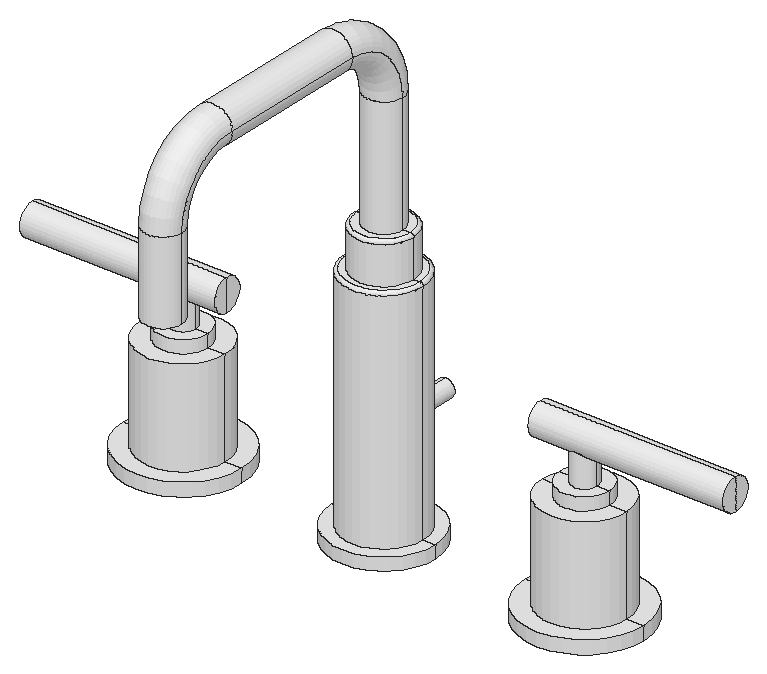
Revit family "Faucet-Two_Handle-American_Standard-Serin-2064.831", category Plumbing Fixtures, Revit 2014
Parameters (values of type "2064.831")
  Width = 2 1/16"  # constant formula
  Waste Connection = yes
  Warranty Information = "Limited Lifetime Function and Finish Warranty"  # constant formula
  WFU = 2  # constant formula
  Vent Connection = no
  URL = "http://www.americanstandard-us.com"
  Specification = "Two-handle widespread lavatory faucet shall feature cast brass valve bodies with flexible hose connections for 6in to 12in installations. Shall also feature 1/4 turn washerless ceramic disc valve cartridges. Shall also feature a metal drain body with stainless steel cable actuation."  # constant formula
  Revised Date = "12/06/2017"  # constant formula
  Product Page URL = "https://www.americanstandard-us.com/bathroom/bathroom-sink-faucets/serin-2-handle-8-inch-widespread-high-arc-bathroom-faucet-22846"
  Product Documentation Link = "https://www.americanstandard-us.com/-/media/sites/asus/files/product-specs/bulk/specsheet2064831.pdf?la=en"
  Price = "Prices may vary. Please consult Manufacturer Representative for most up-to-date price list."  # constant formula
  Model = "2064.831"
  Material = "Brass-American Standard-002-Polished Chrome"  # constant formula
  Manufacturer = "American Standard"  # constant formula
  Length = 8"
  Installation Type = "Deck Mounted"  # constant formula
  Hot Water Connection Diameter = 1/2"  # constant formula
  Height = 9 5/8"  # constant formula
  HWFU = 1.5  # constant formula
  HW Connection = yes
  Flow Rate = 1.2 GPM  # constant formula
  Finish = Brass-American Standard-002-Polished Chrome
  Description = "Serin Two-Handle Widespread Lavatory Faucet With Brass Spout"  # constant formula
  Default Elevation = 0"
  Creation Date = "25/02/2014"  # constant formula
  Cold Water Connection Diameter = 1/2"  # constant formula
  CWFU = 1.5  # constant formula
  CW Connection = yes
  Assembly Code = "D2020300"
  ADA Compliant = yes
Reference planes (in)
  plane 1 "Center (Front/Back)": y = 0
  plane 2: z = 0
  plane 3 "Center (Left/Right)": x = 0
  plane 4: x = -1.03125
  plane 5: x = 1.03125
  plane 6: z = 9.625
  plane 7: z = 6.375
  plane 8: y = -5.5
  plane 9: x = -4
  plane 10: y = -1.18104
  plane 11: y = 1.18104
  plane 12: x = 4
  plane 13: x = -3.1241
  plane 14: x = -7
  plane 15: x = -4.25
  plane 16: x = -4.5
  plane 17: x = -4.84175
  plane 18: x = -5.18104
  plane 19: x = 7
  plane 20: x = 3.1241
  plane 21: x = 4.25
  plane 22: x = 4.5
  plane 23: x = 4.84175
  plane 24: x = 5.18104
Forms (in)
  Revolve 1, solid, material "Brass-American Standard-002-Polished Chrome" <- "Finish"
    sketch origin (0, 0, 0) x (1, 0, 0) y (0, 0, 1)
      loop
        line (0, 0) -> (0, 5.64359) -> (-0.52929, 5.64359)
        arc (-0.52929, 5.64359) -> (-0.57348, 5.62529) -> (-0.59179, 5.58109) r 0.0625
        line (-0.59179, 5.58109) -> (-0.59179, 4.83055) -> (-0.71875, 4.83055)
        arc (-0.71875, 4.83055) -> (-0.76294, 4.81224) -> (-0.78125, 4.76805) r 0.0625
        line (-0.78125, 4.76805) -> (-0.78125, 0.25) -> (-1.03125, 0.25) -> (-1.03125, 0) -> (0, 0)
      axis (0, 5.64359) -> (0, 0)
    angle from 0 to 360
  Revolve 2, solid, material "Brass-American Standard-002-Polished Chrome" <- "Finish"
    sketch origin (0, 0, 0) x (1, 0, 0) y (0, 0, 1)
      loop
        line (-4, 0) -> (-4, 3.27722) -> (-4.25, 3.27722) -> (-4.25, 2.42893) -> (-4.5, 2.42893) -> (-4.5, 2.17893) -> (-4.84175, 2.17893) -> (-4.84175, 0.26468) -> (-5.18104, 0.26468) -> (-5.18104, 0) -> (-4, 0)
      axis (-4, 3.27722) -> (-4, 0)
    angle from 0 to 360
  Revolve 3, solid, material "Brass-American Standard-002-Polished Chrome" <- "Finish"
    sketch origin (0, 0, -0.47976) x (1, 0, 0) y (0, 0, 1)
      loop
        line (-7, 4.04226) -> (-7, 3.72976) -> (-3.1241, 3.72976) -> (-3.1241, 4.04226) -> (-7, 4.04226)
      axis (-3.1241, 3.72976) -> (-7, 3.72976)
    angle from 0 to 360
  Revolve 4, solid, material "Brass-American Standard-002-Polished Chrome" <- "Finish"
    sketch origin (0, 0, 0) x (-1, 0, 0) y (0, 0, 1)
      loop
        line (-4, 0) -> (-4, 3.27722) -> (-4.25, 3.27722) -> (-4.25, 2.42893) -> (-4.5, 2.42893) -> (-4.5, 2.17893) -> (-4.84175, 2.17893) -> (-4.84175, 0.26468) -> (-5.18104, 0.26468) -> (-5.18104, 0) -> (-4, 0)
      axis (-4, 3.27722) -> (-4, 0)
    angle from 0 to 360
  Revolve 5, solid, material "Brass-American Standard-002-Polished Chrome" <- "Finish"
    sketch origin (0, 0, 0) x (0, 1, 0) y (0, 0, 1)
      loop
        line (1.5375, 1.83465) -> (1.5375, 2.01338) -> (0.45358, 2.01338) -> (0.45358, 1.83465) -> (1.5375, 1.83465)
      axis (0.45358, 2.01338) -> (1.5375, 2.01338)
    angle from 0 to 360
  Sweep 6, solid, material "Brass-American Standard-002-Polished Chrome" <- "Finish"
    path origin (0, 0, 0.0222) x (0, 1, 0) y (0, 0, 1)
      loop
        line (0, 5.58055) -> (0, 7.98052)
        arc (0, 7.98052) -> (-0.36612, 8.8644) -> (-1.25, 9.23052) r 1.25
        line (-1.25, 9.23052) -> (-4.25, 9.23052)
        arc (-4.25, 9.23052) -> (-5.13388, 8.8644) -> (-5.5, 7.98052) r 1.25
        line (-5.5, 7.98052) -> (-5.5, 6.3528)
    profile origin (0, 0, 6.80274) x (0, -1, 0) y (1, 0, 0)
      loop
        circle (0, 0) r 0.375
  Revolve 7, solid, material "Brass-American Standard-002-Polished Chrome" <- "Finish"
    sketch origin (0, 0, -0.47976) x (-1, 0, 0) y (0, 0, 1)
      loop
        line (-7, 4.04226) -> (-7, 3.72976) -> (-3.1241, 3.72976) -> (-3.1241, 4.04226) -> (-7, 4.04226)
      axis (-3.1241, 3.72976) -> (-7, 3.72976)
    angle from 0 to 360
Cuts and joins
  joined: Revolve 1, Revolve 2, Revolve 3, Revolve 4, Revolve 5, Sweep 6, Revolve 7
Lines and regions (in)
  Masking region 1
    outline origin (0, 0, 0) x (1, 0, 0) y (0, 1, 0)
      loop
        line (-5.13895, 0.3125) -> (-7, 0.3125) -> (-7, -0.3125) -> (-5.13895, -0.3125)
        arc (-5.13895, -0.3125) -> (-2.81896, 0) -> (-5.13895, 0.3125) r 1.18104
      loop
        line (0.17873, 1.01564) -> (0.17873, 1.5375) -> (-0.17873, 1.5375) -> (-0.17873, 1.01564)
        arc (-0.17873, 1.01564) -> (-1.0262, 0.10191) -> (-0.375, -0.96065) r 1.03125
        line (-0.375, -0.96065) -> (-0.375, -5.5)
        arc (-0.375, -5.5) -> (0, -5.875) -> (0.375, -5.5) r 0.375
        line (0.375, -5.5) -> (0.375, -0.96065)
        arc (0.375, -0.96065) -> (1.0262, 0.10191) -> (0.17873, 1.01564) r 1.03125
      loop
        arc (5.13895, 0.3125) -> (2.81896, 0) -> (5.13895, -0.3125) r 1.18104
        line (5.13895, -0.3125) -> (7, -0.3125) -> (7, 0.3125) -> (5.13895, 0.3125)
  symbolic lines, style "PlumbingFixtures", detail levels fine
    curve 1: arc (-4.78159, 0.3125, 0) -> (-4, 0.84175, 0) -> (-3.21841, 0.3125, 0) r 0.84175
    curve 2: arc (-3.60969, -0.3125, 0) -> (-4, -0.5, 0) -> (-4.39031, -0.3125, 0) r 0.5
    curve 6: arc (-4.78159, -0.3125, 0) -> (-4, -0.84175, 0) -> (-3.21841, -0.3125, 0) r 0.84175
    curve 7: arc (-3.60969, 0.3125, 0) -> (-4, 0.5, 0) -> (-4.39031, 0.3125, 0) r 0.5
    curve 9: arc (-0.375, -0.45781, 0) -> (0, 0.59179, 0) -> (0.375, -0.45781, 0) r 0.59179
    curve 10: arc (-0.375, -0.68537, 0) -> (0, 0.78125, 0) -> (0.375, -0.68537, 0) r 0.78125
  symbolic lines, style "PlumbingFixtures", detail levels medium+fine
    curve 3: line (-3.1241, -0.3125, 0) -> (-3.1241, 0.3125, 0)
    curve 4: line (-3.1241, 0.3125, 0) -> (-5.13895, 0.3125, 0)
    curve 5: line (-3.1241, -0.3125, 0) -> (-5.13895, -0.3125, 0)
    curve 8: line (3.1241, 0.3125, 0) -> (5.13895, 0.3125, 0)
  symbolic lines, style "PlumbingFixturesHiddenLines", detail levels medium+fine
    curve 11: arc (-0.375, 0, 0) -> (0, 0.375, 0) -> (0.375, 0, 0) r 0.375
    curve 12: line (-0.375, 0, 0) -> (-0.375, -0.96065, 0)
    curve 13: line (0.375, 0, 0) -> (0.375, -0.96065, 0)
  symbolic lines, style "PlumbingFixturesHiddenLines", detail levels fine
    curve 14: line (-0.17873, 1.01564, 0) -> (-0.17873, 0.76053, 0)
    curve 15: line (0.17873, 1.01564, 0) -> (0.17873, 0.76053, 0)
  symbolic lines, detail levels fine
    curve 16: arc (4.78159, 0.3125, 0) -> (4, 0.84175, 0) -> (3.21841, 0.3125, 0) r 0.84175
    curve 21: arc (3.21841, -0.3125, 0) -> (4, -0.84175, 0) -> (4.78159, -0.3125, 0) r 0.84175
  symbolic lines, detail levels medium+fine
    curve 17: arc (4.40787, 0.28921, 0) -> (4.01458, 0.49979, 0) -> (3.60969, 0.3125, 0) r 0.5
    curve 18: arc (3.60969, -0.3125, 0) -> (4, -0.5, 0) -> (4.39031, -0.3125, 0) r 0.5
    curve 19: line (3.1241, 0.3125, 0) -> (3.1241, -0.3125, 0)
    curve 20: line (3.1241, -0.3125, 0) -> (5.13895, -0.3125, 0)
Dimensions and locks (in)
  "Width": plane 4 to plane 5
  level to plane 7 = 6 3/8"
  "Height": level to plane 6
  plane 1 "Center (Front/Back)" to plane 8 = 5 1/2"
  locked: plane 13 to plane 14 at 3.8759
  locked: plane 13 to plane 9 at 0.8759
  locked: plane 9 to plane 15 at 0.25
  locked: plane 9 to plane 16 at 0.5
  locked: plane 9 to plane 17 at 0.84175
  locked: plane 9 to plane 18 at 1.18104
  equal spacing: plane 12, plane 3 "Center (Left/Right)", plane 9
  "Length": plane 9 to plane 12
  locked: plane 19 to plane 20 at 3.8759
  locked: plane 12 to plane 20 at 0.8759
  locked: plane 21 to plane 12 at 0.25
  locked: plane 22 to plane 12 at 0.5
  locked: plane 23 to plane 12 at 0.84175
  locked: plane 24 to plane 12 at 1.18104
  aligned and locked: Revolve 3 sketch curve to plane 13
  aligned and locked: plane 14 to Revolve 3 sketch curve
  aligned and locked: plane 9 to Revolve 2 sketch curve
  aligned and locked: Revolve 2 sketch curve to plane 18
  aligned and locked: Revolve 2 sketch curve to plane 17
  aligned and locked: Revolve 2 sketch curve to plane 16
  aligned and locked: Revolve 2 sketch curve to plane 15
  aligned and locked: plane 19 to Revolve 7 sketch curve
  aligned and locked: Revolve 7 sketch curve to plane 20
  aligned and locked: Revolve 4 sketch curve to plane 21
  aligned and locked: Revolve 4 sketch curve to plane 12
  aligned and locked: Revolve 4 sketch curve to plane 22
  aligned and locked: Revolve 4 sketch curve to plane 23
  aligned and locked: Revolve 4 sketch curve to plane 24
  aligned and locked: Masking region 1 sketch curve to cut or joined group of Revolve 1, Revolve 2, Revolve 3, Revolve 4, Revolve 5, Sweep 6, Revolve 7  (x2)
  aligned and locked: curve 16 to cut or joined group of Revolve 1, Revolve 2, Revolve 3, Revolve 4, Revolve 5, Sweep 6, Revolve 7
  aligned and locked: curve 17 to cut or joined group of Revolve 1, Revolve 2, Revolve 3, Revolve 4, Revolve 5, Sweep 6, Revolve 7
  aligned and locked: curve 18 to cut or joined group of Revolve 1, Revolve 2, Revolve 3, Revolve 4, Revolve 5, Sweep 6, Revolve 7
  aligned and locked: curve 19 to cut or joined group of Revolve 1, Revolve 2, Revolve 3, Revolve 4, Revolve 5, Sweep 6, Revolve 7
Automatic sketch dimensions
  Revolve 1 sketch curve to level = 0"
  plane 4 to Revolve 1 sketch curve = 0"
  Revolve 1 sketch curve to plane 3 "Center (Left/Right)" = 0"  (x2)
  Revolve 1 sketch curve to plane 4 = 1/4"
  Revolve 1 sketch curve to Revolve 1 sketch curve = 1/16"  (x2)
  Revolve 1 sketch curve to Revolve 1 sketch curve = 0.12696"
  level to Revolve 1 sketch curve = 1/4"
  plane 7 to Revolve 1 sketch curve = 1.60695"
  Revolve 1 sketch curve to Revolve 1 sketch curve = 0.75054"
  Revolve 1 sketch curve to Revolve 1 sketch curve = 2.0718"
  Revolve 1 sketch curve to Revolve 1 sketch curve = 1/2"
  Revolve 2 sketch curve to level = 0"
  Revolve 2 sketch curve to plane 9 = 0"
  level to Revolve 2 sketch curve = 0.26468"
  Revolve 2 sketch curve to Revolve 2 sketch curve = 1.91425"
  Revolve 2 sketch curve to Revolve 2 sketch curve = 1/4"
  Revolve 2 sketch curve to Revolve 2 sketch curve = 0.84829"
  Revolve 2 sketch curve to Revolve 2 sketch curve = 0.82884"
  Revolve 2 sketch curve to Revolve 2 sketch curve = 0.14991"
  plane 7 to Revolve 3 sketch curve = 3 1/8"
  Revolve 3 sketch curve to Revolve 3 sketch curve = 5/16"
  Revolve 3 sketch curve to Revolve 3 sketch curve = 1.21539"
  Revolve 3 sketch curve to Revolve 3 sketch curve = 0.15093"
  Revolve 3 sketch curve to Revolve 3 sketch curve = 0"
  Revolve 4 sketch curve to level = 0"
  Revolve 4 sketch curve to level = 0.26468"
  Revolve 4 sketch curve to Revolve 4 sketch curve = 1.91425"
  Revolve 4 sketch curve to Revolve 4 sketch curve = 1/4"
  Revolve 4 sketch curve to Revolve 4 sketch curve = 0.84829"
  Revolve 4 sketch curve to Revolve 4 sketch curve = 1/2"
  Revolve 4 sketch curve to Revolve 4 sketch curve = 0.82884"
  Revolve 4 sketch curve to Revolve 4 sketch curve = 0.14991"
  Revolve 5 sketch curve to plane 1 "Center (Front/Back)" = 0.45358"
  Revolve 5 sketch curve to Revolve 5 sketch curve = 1.08392"
  level to Revolve 5 sketch curve = 1.83465"
  Revolve 5 sketch curve to Revolve 5 sketch curve = 0.17873"  (x2)
  Revolve 5 sketch curve to Revolve 5 sketch curve = 0.40359"
  Revolve 5 sketch curve to Revolve 5 sketch curve = 0"
  plane 7 to Sweep 6 sketch curve = 0"
  Sweep 6 sketch curve to plane 8 = 0"
  Sweep 6 sketch curve to plane 1 "Center (Front/Back)" = 0"
  plane 6 to Sweep 6 sketch curve = 0.37228"
  Sweep 6 sketch curve to plane 8 = 1 1/4"
  Sweep 6 sketch curve to Sweep 6 sketch curve = 1 1/4"
  plane 7 to Sweep 6 sketch curve = 0.77225"
  Sweep 6 sketch curve to profile plane = 0"  (x2)
  Revolve 7 sketch curve to plane 7 = 2 13/16"
  Revolve 7 sketch curve to Revolve 7 sketch curve = 5/16"
  Revolve 7 sketch curve to Revolve 7 sketch curve = 1.21539"
  Revolve 7 sketch curve to Revolve 7 sketch curve = 0.15093"
  Revolve 7 sketch curve to Revolve 7 sketch curve = 0"
  Masking region 1 sketch curve to Masking region 1 sketch curve = 0"  (x3)
  plane 1 "Center (Front/Back)" to Masking region 1 sketch curve = 0"  (x2)
  Masking region 1 sketch curve to plane 9 = 0"
  plane 8 to Masking region 1 sketch curve = 0"
  Masking region 1 sketch curve to plane 3 "Center (Left/Right)" = 0"  (x2)
  plane 1 "Center (Front/Back)" to Masking region 1 sketch curve = 5/16"
  Masking region 1 sketch curve to plane 9 = 1.13895"
  Masking region 1 sketch curve to plane 1 "Center (Front/Back)" = 5/16"  (x2)
  Masking region 1 sketch curve to Masking region 1 sketch curve = 1.86105"
  Masking region 1 sketch curve to plane 3 "Center (Left/Right)" = 3/8"
  Masking region 1 sketch curve to plane 3 "Center (Left/Right)" = 0.17873"
  plane 3 "Center (Left/Right)" to Masking region 1 sketch curve = 0.17873"
  plane 10 to Masking region 1 sketch curve = 0.22039"  (x2)
  Masking region 1 sketch curve to plane 11 = 0.35646"
  curve 1 to curve 2 = 0"  (x2)
  curve 1 to curve 6 = 0"  (x2)
  curve 1 to curve 7 = 0"  (x2)
  curve 9 to curve 10 = 0"  (x2)
  curve 10 to curve 11 = 0"  (x2)
  curve 16 to curve 21 = 0"  (x2)
  plane 1 "Center (Front/Back)" to curve 1 = 0"
  curve 1 to plane 9 = 0"
  plane 1 "Center (Front/Back)" to curve 12 = 0"
  curve 11 to plane 3 "Center (Left/Right)" = 0"
  curve 4 to plane 1 "Center (Front/Back)" = 5/16"
  plane 9 to curve 4 = 0.8759"
  curve 12 to curve 9 = 3/8"
  plane 1 "Center (Front/Back)" to curve 19 = 5/16"
  plane 1 "Center (Front/Back)" to curve 5 = 5/16"
  curve 8 to plane 1 "Center (Front/Back)" = 5/16"
  curve 2 to plane 9 = 0.39031"
  curve 7 to plane 9 = 0.39031"
  curve 1 to curve 7 = 0.39128"
  curve 6 to curve 2 = 0.39128"
  curve 4 to curve 1 = 0.35735"
  curve 5 to curve 6 = 0.35735"
  curve 14 to plane 3 "Center (Left/Right)" = 0.17873"
  plane 3 "Center (Left/Right)" to curve 15 = 0.17873"
  curve 19 to curve 21 = 0.09431"
  curve 17 to plane 1 "Center (Front/Back)" = 0.28921"
  curve 16 to curve 8 = 0.35735"
  curve 21 to curve 20 = 0.35735"
  curve 9 to curve 12 = 0.45781"
  curve 10 to curve 9 = 0.22756"
  plane 10 to curve 13 = 0.22039"
  plane 10 to curve 12 = 0.22039"
  plane 11 to curve 15 = 0.1654"
  plane 11 to curve 14 = 0.1654"
  radius of Sweep 6 sketch curve = 3/8"
Connectors (in)
  piping at (4, 0, 0), diameter 0.5, driven by "CWFU"
    settings: on Revolve 4, index 1, connector inside diameter 24", connector length 0", flow factor 0, pipe flow 0 GPM, pressure drop 0.00 psi, fitting loss kfactor 0, connector angle 0.00°, fixture units 1.5, engagement length 0", angle of deflection 0.00°, flow configuration 3, flow direction 1, fitting loss method 0, system type 20, joint type 0, gender type 0, connector reference index -1, connector utility 0, adjustable connector no, is connector primary yes, connector description "1/2\" CW Inlet Supply"
  piping at (-4, 0, 0), diameter 0.5, driven by "HWFU"
    settings: on Revolve 2, index 2, connector inside diameter 24", connector length 0", flow factor 0, pipe flow 0 GPM, pressure drop 0.00 psi, fitting loss kfactor 0, connector angle 0.00°, fixture units 1.5, engagement length 0", angle of deflection 0.00°, flow configuration 3, flow direction 1, fitting loss method 0, system type 19, joint type 0, gender type 0, connector reference index -1, connector utility 0, adjustable connector no, is connector primary no, connector description "1/2\" HW Inlet Supply"
